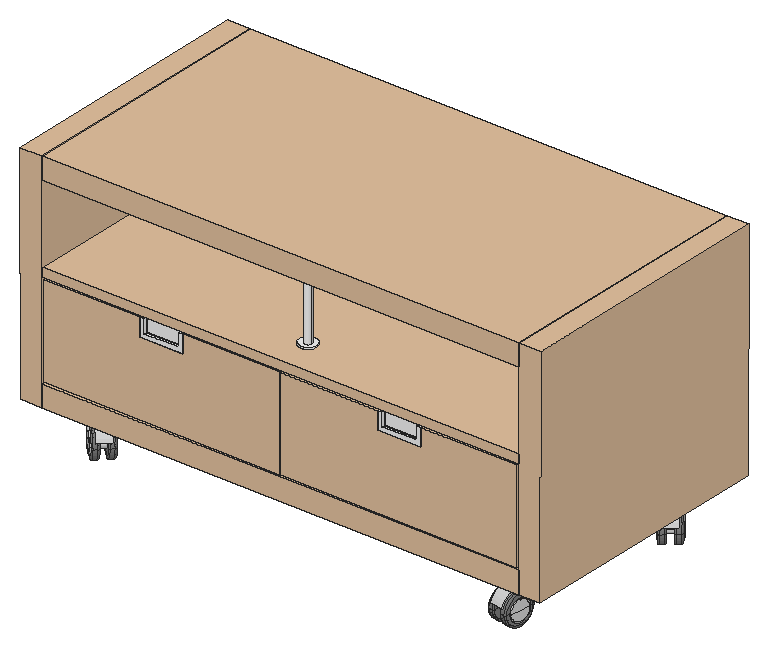
Revit family
Parameters (values of type "Betula")
  Type Comments = ""
  Puxador = IKEA-Puxador
  Model = "EXPEDIT"
  Material = IKEA-Betula
  Manufacturer = "IKEA"
  Description = ""
  Assembly Code = "E1020230"
Types (5, lengths in mm): name | Material
  (no name) | IKEA-Betula
  Branco | IKEA-Branco
  PretoCastanho | IKEA-PretoCastanho
  Betula | IKEA-Betula
  Faia | IKEA-Faia
Reference planes
  plane 1 "Center (Front/Back)": y = 0
  plane 2: z = 0
  plane 3 "Center (Left/Right)": x = 0
Forms (mm)
  Extrusion 1, solid, material "IKEA-Betula" <- "Material"
    sketch origin (0, 0, 690) x (0, 0, -1) y (0, 1, 0)
      loop
        line (590, 0) -> (590, 600) -> (70, 600) -> (70, 0) -> (590, 0)
    from 0 to 50
  Extrusion 2, solid, material "IKEA-Betula" <- "Material"
    sketch origin (1262.5, 0, -100) x (0, 0, 1) y (0, 1, 0)
      loop
        line (720, 0) -> (720, 600) -> (200, 600) -> (200, 0) -> (720, 0)
    from 112.5 to 62.5
  Extrusion 3, solid, material "IKEA-Betula" <- "Material"
    sketch origin (830, 210, 620) x (0, 1, 0) y (-1, 0, 0)
      loop
        line (-210, 780) -> (-210, -320) -> (390, -320) -> (390, 780) -> (-210, 780)
    from 0 to -50
  Extrusion 4, solid, material "IKEA-Betula" <- "Material"
    sketch origin (660, 0, 100) x (1, 0, 0) y (0, 1, 0)
      loop
        line (490, 0) -> (490, 600) -> (-610, 600) -> (-610, 0) -> (490, 0)
    from 0 to 50
  Extrusion 5, solid, material "IKEA-Betula" <- "Material"
    sketch origin (590, 0, 690) x (0, 0, -1) y (0, 1, 0)
      loop
        line (540, 20) -> (540, 580) -> (320, 580) -> (320, 20) -> (540, 20)
    from 0 to 20
  Extrusion 6, solid, material "IKEA-Betula" <- "Material"
    sketch origin (-420, 0, 370) x (1, 0, 0) y (0, 1, 0)
      loop
        line (1570, 0) -> (1570, 600) -> (470, 600) -> (470, 0) -> (1570, 0)
    from 0 to 20
  Extrusion 7, solid, material "IKEA-Betula" <- "Material"
    sketch origin (2101.329, 600, 100) x (-1, 0, 0) y (0, 0, 1)
      loop
        line (951.329, 270) -> (951.329, 50) -> (2051.329, 50) -> (2051.329, 270) -> (951.329, 270)
    from 0 to -20
  Extrusion 8, solid, material "IKEA-Betula" <- "Material"
    sketch origin (2101.329, 0, 100) x (-1, 0, 0) y (0, 0, -1)
      loop
        line (2047.329, -54) -> (1503.329, -54) -> (1503.329, -266) -> (1725.329, -266) -> (1725.329, -226) -> (1825.329, -226) -> (1825.329, -266) -> (2047.329, -266) -> (2047.329, -54)
      loop
        line (955.329, -54) -> (955.329, -266) -> (1177.329, -266) -> (1177.329, -226) -> (1277.329, -226) -> (1277.329, -266) -> (1499.329, -266) -> (1499.329, -54) -> (955.329, -54)
    from 0 to -20
  Extrusion 9, solid, material "IKEA-Puxador" <- "Puxador"
    sketch origin (2101.329, 20, 100) x (1, 0, 0) y (0, 0, -1)
      loop
        line (-1277.329, -266) -> (-1177.329, -266) -> (-1177.329, -226) -> (-1277.329, -226) -> (-1277.329, -266)
    from 0 to -5
  Extrusion 10, solid, material "IKEA-Puxador" <- "Puxador"
    sketch origin (2101.329, 15, 100) x (1, 0, 0) y (0, 0, -1)
      loop
        line (-1277.329, -266) -> (-1272.329, -266) -> (-1272.329, -231) -> (-1182.329, -231) -> (-1182.329, -266) -> (-1177.329, -266) -> (-1177.329, -226) -> (-1277.329, -226) -> (-1277.329, -266)
    from 0 to -10
  Extrusion 11, solid, material "IKEA-Puxador" <- "Puxador"
    sketch origin (2101.329, 5, 100) x (1, 0, 0) y (0, 0, -1)
      loop
        line (-1277.329, -266) -> (-1267.329, -266) -> (-1267.329, -236) -> (-1187.329, -236) -> (-1187.329, -266) -> (-1177.329, -266) -> (-1177.329, -226) -> (-1277.329, -226) -> (-1277.329, -266)
    from 0 to -5
  Extrusion 12, solid, material "IKEA-Puxador" <- "Puxador"
    sketch origin (1553.329, 20, 100) x (1, 0, 0) y (0, 0, -1)
      loop
        line (-1277.329, -266) -> (-1177.329, -266) -> (-1177.329, -226) -> (-1277.329, -226) -> (-1277.329, -266)
    from 0 to -5
  Extrusion 13, solid, material "IKEA-Puxador" <- "Puxador"
    sketch origin (1553.329, 15, 100) x (1, 0, 0) y (0, 0, -1)
      loop
        line (-1277.329, -266) -> (-1272.329, -266) -> (-1272.329, -231) -> (-1182.329, -231) -> (-1182.329, -266) -> (-1177.329, -266) -> (-1177.329, -226) -> (-1277.329, -226) -> (-1277.329, -266)
    from 0 to -10
  Extrusion 14, solid, material "IKEA-Puxador" <- "Puxador"
    sketch origin (1553.329, 5, 100) x (1, 0, 0) y (0, 0, -1)
      loop
        line (-1277.329, -266) -> (-1267.329, -266) -> (-1267.329, -236) -> (-1187.329, -236) -> (-1187.329, -266) -> (-1177.329, -266) -> (-1177.329, -226) -> (-1277.329, -226) -> (-1277.329, -266)
    from 0 to -5
  Extrusion 15, solid, material "IKEA-Puxador" <- "Puxador"
    sketch origin (-420, -220, 390) x (1, 0, 0) y (0, 1, 0)
      loop
        circle (1020, 300) r 20
    from 0 to 3
  Extrusion 16, solid, material "IKEA-Puxador" <- "Puxador"
    sketch origin (-420, -220, 567) x (1, 0, 0) y (0, 1, 0)
      loop
        circle (1020, 300) r 20
    from 0 to 3
  Extrusion 17, solid, material "IKEA-Puxador" <- "Puxador"
    sketch origin (-420, -220, 393) x (1, 0, 0) y (0, 1, 0)
      loop
        circle (1020, 300) r 8
    from 0 to 174
Cuts and joins
  joined: Extrusion 9, Extrusion 10, Extrusion 11
  joined: Extrusion 12, Extrusion 13, Extrusion 14
  joined: Extrusion 15, Extrusion 16, Extrusion 17
Lines and regions (mm)
  symbolic lines
    curve 1: line (0, 600, 0) -> (1200, 600, 0)
    curve 2: line (0, 0, 0) -> (0, 600, 0)
    curve 3: line (1200, 0, 0) -> (0, 0, 0)
    curve 4: line (1200, 600, 0) -> (1200, 0, 0)
Dimensions and locks
  Extrusion 2 to Extrusion 1 = 1200 mm
  Extrusion 3 to Extrusion 4 = 520 mm
  Extrusion 5 to Extrusion 1 = 540 mm
  Extrusion 2 to Extrusion 5 = 540 mm
  plane 1 "Center (Front/Back)" to Extrusion 3 = 600 mm
  Extrusion 6 to Extrusion 4 = 220 mm
  Extrusion 3 to Extrusion 6 = 180 mm
  aligned and locked: Extrusion 1 to Extrusion 3
  aligned and locked: Extrusion 1 to Extrusion 4
  aligned and locked: Extrusion 2 to Extrusion 4
  aligned and locked: Extrusion 2 to Extrusion 3
  aligned and locked: Extrusion 4 to Extrusion 5
  aligned and locked: Extrusion 1 to Extrusion 6
Nested families
  nested 1: "Rodas_H=100mm" at (1100, 100, 0) x (0.9877, -0.1564, 0) z (0, 0, 1), type "Rodas_H=100mm"
  nested 2: "Rodas_H=100mm" at (1100, 500, 0) x (0.7771, 0.6293, 0) z (0, 0, 1), type "Rodas_H=100mm"
  nested 3: "Rodas_H=100mm" at (100, 500, 0) x (-0.7431, 0.6691, 0) z (0, 0, 1), type "Rodas_H=100mm"
  nested 4: "Rodas_H=100mm" at (100, 100, 0) x (0.6947, 0.7193, 0) z (0, 0, 1), type "Rodas_H=100mm"
Definition of nested family "Rodas_H=100mm"
  Parameters
    Rodas = IKEA-PlasticoPreto
    Apoio = IKEA-Aluminium
    Plasticos = IKEA-PlasticoCinza
  Reference planes
    plane 1 "Center (Front/Back)": y = 0
    plane 2: z = 0
    plane 3 "Center (Left/Right)": x = 0
  Forms (mm)
    Revolve 1, solid, material "IKEA-PlasticoCinza" <- "Plasticos"
      sketch origin (-23, 50, 35) x (1, 0, 0) y (0, 1, 0)
        loop
          line (0, -100) -> (0, -75)
          arc (0, -75) -> (-1.414, -75.586) -> (-2, -77) r 2
          line (-2, -77) -> (-2, -100) -> (0, -100)
        axis (0, -100) -> (-2, -100)
      angle from 0 to 360
    Revolve 2, solid, material "IKEA-PlasticoPreto" <- "Rodas"
      sketch origin (-8, 50, 35) x (1, 0, 0) y (0, 1, 0)
        loop
          line (0, -100) -> (0, -68)
          arc (0, -68) -> (-0.879, -65.879) -> (-3, -65) r 3
          line (-3, -65) -> (-12, -65)
          arc (-12, -65) -> (-14.121, -65.879) -> (-15, -68) r 3
          line (-15, -68) -> (-15, -100) -> (0, -100)
        axis (0, -100) -> (-15, -100)
      angle from 0 to 360
    Revolve 3, solid, material "IKEA-PlasticoCinza" <- "Plasticos"
      sketch origin (23, 50, 35) x (-1, 0, 0) y (0, -1, 0)
        loop
          line (0, 100) -> (-2, 100) -> (-2, 77)
          arc (-2, 77) -> (-1.414, 75.586) -> (0, 75) r 2
          line (0, 75) -> (0, 100)
        axis (0, 100) -> (-2, 100)
      angle from 0 to 360
    Revolve 4, solid, material "IKEA-PlasticoPreto" <- "Rodas"
      sketch origin (8, 50, 35) x (-1, 0, 0) y (0, -1, 0)
        loop
          line (0, 100) -> (-15, 100) -> (-15, 68)
          arc (-15, 68) -> (-14.121, 65.879) -> (-12, 65) r 3
          line (-12, 65) -> (-3, 65)
          arc (-3, 65) -> (-0.879, 65.879) -> (0, 68) r 3
          line (0, 68) -> (0, 100)
        axis (0, 100) -> (-15, 100)
      angle from 0 to 360
    Extrusion 5, solid, material "IKEA-Aluminium" <- "Apoio"
      sketch origin (-25, 0, 100) x (1, 0, 0) y (0, 1, 0)
        loop
          circle (25, 0) r 10
      from 0 to -15
    Extrusion 6, solid, material "IKEA-Aluminium" <- "Apoio"
      sketch origin (-25, 0, 85) x (1, 0, 0) y (0, 1, 0)
        loop
          circle (25, 0) r 15
      from 0 to -5
    Extrusion 7, solid, material "IKEA-Aluminium" <- "Apoio"
      sketch origin (8, 1497.579, 0) x (0, -1, 0) y (0, 0, 1)
        loop
          line (1487.579, 80) -> (1487.579, 58.315)
          arc (1487.579, 58.315) -> (1489.145, 52.942) -> (1493.353, 49.252) r 10
          line (1493.353, 49.252) -> (1533.22, 30.662)
          arc (1533.22, 30.662) -> (1549.772, 20.161) -> (1562.579, 35) r 15
          arc (1562.579, 35) -> (1555.838, 47.522) -> (1541.673, 48.788) r 15
          line (1541.673, 48.788) -> (1507.579, 64.686) -> (1507.579, 80) -> (1487.579, 80)
      from 0 to 16
    Extrusion 8, solid, material "IKEA-PlasticoCinza" <- "Plasticos"
      sketch origin (8, 1497.579, 40) x (0, -1, 0) y (0, 0, 1)
        loop
          arc (1510.579, -5) -> (1541.154, 31.438) -> (1582.348, 7.655) r 37
          line (1582.348, 7.655) -> (1584.227, 8.339)
          arc (1584.227, 8.339) -> (1540.807, 33.408) -> (1508.579, -5) r 39
          line (1508.579, -5) -> (1510.579, -5)
      from -7 to 23
